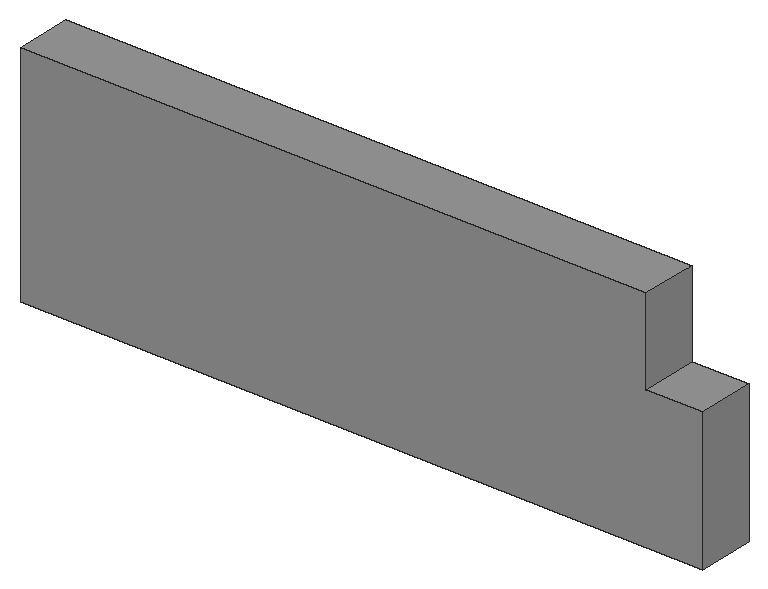
Revit family "Stonepanel_Travertino_Sabbia_Pieza_Recta_ESP", category Modelos genéricos, Revit 2017
Family settings
  Anfitrión = Muro
  Puede alojar armadura = No
  Cota de conector redondo = Diámetro de uso
  Tipo de pieza = Normal
  Siempre vertical = Sí
  Corte con vacíos al cargar = No
  Compartido = No
  Punto de cálculo de habitación = No
Parameters (values of type "Stonepanel® Infercoa")
  Ventajas de Stonepanel = "Eficaz: Instalación ágil y sencilla : 10 veces más rápido que la mampostería tradicional (Ritmo medio de colocación de 20 m2/día). Mayor rentabilidad gracias al menor desperdicio de material en obra y a la durabilidad de un producto natural frente a otros revestimientos. La colocación de los paneles no requiere mano de obra ni maquinaria especializada.\r\nSeguro: Un sistema de anclaje patentado, de acero inoxidable, que permite su instalación a más de 2 metros de altura. Base de cemento homogénea y rugosa que garantiza la adhesión y permite el corte sin desprendimiento.\r\nCalidad: Control permanente del proceso de producción desde la oficina I+D+I. Una cuidada selección de piedra natural realizada por los expertos de CUPASTONE. Disponibilidad de piezas especiales para adaptarse perfectamente a cada edificio: esquinas (macizas, rectas, dobles o para ventanas), cubremuros, y otros complementarios.\r\nEstética: Forma de “S” que evita la visión de las juntas para homogenizar el aspecto final. Gran variedad de paneles para elegir entre colores y acabados de piedra natural. La propia belleza y exclusividad de la piedra natural: Cada piedra es\r\núnica."
  Usos Indicados = "Revestimiento de Paredes exteriores e interiores en edificaciones nuevas o rehabilitaciones"
  Uniclass 2015 = "Pr_25_71_14_56 Natural stone panels"
  Uniclass 2 = "Pr_25_71_14_56 Natural stone panels"
  URL = "http://www.cupastone.es/producto/stonepanel-orient/"
  Sistema de anclaje = "Cinta perforada en acero inoxidable:\r\n- Naturaleza del acero: AISI 316 (1.4401) o AISI 304 (1.4301)\r\n- Espesor mínimo (mm) : 0,7\r\n- Ancho (mm) : 12 a 15\r\n- Diámetro del hueco (mm) : 6 ± 1\r\n\r\nTacos:\r\nLa elección de los tacos y clavijas de fijación debe ser realizada teniendo en cuenta la acción en depresión del viento (muros exteriores) y de la resistencia de los tacos en el soporte, en función de la naturaleza del soporte."
  Resistencia al fuego = "No combustible"
  Resistencia = "Buena resistencia"
  Peso = "8,75 kg"
  Oxidación = "No oxida"
  Otros datos de interés del producto = "Dispone de un anclaje para instalar a alturas superiores a 2 metros"
  Omniclass = "23-15 15 15 11"
  NBS Reference = "45-25-45/380 Natural stone panels"
  Modelo = "Stonepanel® Infercoa"
  Material = "Panel de pizarra procedente de nuestra propia cantera al norte de Portugal. Un material con una textura muy marcada y resistente a cualquier tipo de condiciones meteorológicas. Oxidación natural."
  Limpieza = "En general, los paneles no requieren mantenimiento y son auto- limpiantes, pero la eliminación de algunos tipos de marcas pueden requerir un tratamiento especializado.\r\nEn caso de suciedad anormal, la superficie puede limpiarse con una mezcla / detergente doméstico y agua caliente , aplicada con una almohadilla de limpieza adecuado o una esponja."
  Largo = 600 mm
  Impacto = "-"
  Imagen de tipo = <Ninguno>
  Formato = "600 x 200"
  Forma de suministro = "Los paneles se presentan en parejas, en un embalaje plástico o en cajas de cartón de 3 o 4 piezas."
  Forma = "Forma de \"s\""
  Fabricante = "Cupastone"
  Envejecimiento por cambio térmicos = "Sin alteraciones despues de 20 ciclos."
  Ensayos realizados por Avis Technique = "Resistencia mecánica del anclaje, Resistencia mecánica de la cinta de seguridad, Ensayo de durabilidad tras la acción del agua, Ensayo de durabilidad tras la acción del hielo, Ensayo sísmico"
  Durabilidad = "Según el certificado BBA, el sistema tiene una vida de diseño superior a 30 años."
  Detalles constructivos = "Detalles de:\r\n- Instalación con perfil metálico\r\n- Instalación de Stonepanel\r\n- Instalación en muro interior\r\n- Instalación del elemento de seguridad (cinta perforada + tacos)\r\n- Esquinas entrantes\r\n- Esquinas salientes\r\n- Esquinas salientes pre-fabricadas\r\n- Esquinas salientes mediante serrado del panel\r\n- Esquinas salientes sin continuidad de Stonepanel (caso de una fachada lateral)\r\n- Bordes superiores\r\n- Sobre parapeto\r\n- Marco de vano"
  Desfase de altura = 0 mm
  Descripción = "Pieza de piedra natural montada sobre una base de cemento y reforzada con una malla de fibra de vidrio .\r\nPosee sistema de anclaje patentado, de acero inoxidable, que permite su instalación a más de 2 metros de altura"
  Densidad aparente = "79,5 kg/m2"
  Color secundario = "Gris oscuro"
  Color principal = "Negro"
  Certificaciones = "Avis Technique - Francia"
  Aspecto = "Contemporáneo"
  Ancho = 50 mm
  Alto = 200 mm
  Acabado = "Natural"
  Absorción = "Baja absorción"
Reference planes
  plane 1 "Muro": y = 0
  plane 2 "Centro (Izquierda/Derecha)": x = 125
  plane 3 "Posterior": y = 75
Forms (mm)
  Extrusion 1, solid, material "Stonepanel® SKY Orient"
    sketch origin (0, 160, 1120) x (1, 0, 0) y (0, 0, 1)
      loop
        line (125, -1120) -> (125, -996) -> (75, -996) -> (75, -920) -> (-475, -920) -> (-475, -1120) -> (125, -1120)
    from 35 to 85
Text (mm)
  text "Cara de colocación" at (-1848.837, 1116.779, 0), in view "Nivel de referencia"
  text "Cara de colocación" at (0, 1409.804, 2854.306), in view "Izquierda"
  text "Cara de colocación" at (0, 499.811, 2980.732), in view "Derecha"
Dimensions and locks
  locked: plane 3 "Posterior" to host wall
  locked: Extrusion 1 to plane 3 "Posterior" at 0
  "Ancho": Extrusion 1 to Extrusion 1
  "Largo": Extrusion 1 to Extrusion 1
  locked: Extrusion 1 to Extrusion 1 at 76
  "Desfase de altura": level to Extrusion 1
  locked: Extrusion 1 to Extrusion 1 at 50
  "Alto": Extrusion 1 to Extrusion 1
  aligned and locked: plane 1 "Muro" to host wall
Automatic sketch dimensions
  Extrusion 1 sketch curve to level = 0 mm
  Extrusion 1 sketch curve to plane 2 "Centro (Izquierda/Derecha)" = 0 mm
  Extrusion 1 sketch curve to plane 2 "Centro (Izquierda/Derecha)" = 50 mm
  level to Extrusion 1 sketch curve = 200 mm
  Extrusion 1 sketch curve to Extrusion 1 sketch curve = 550 mm
  level to Extrusion 1 sketch curve = 124 mm
